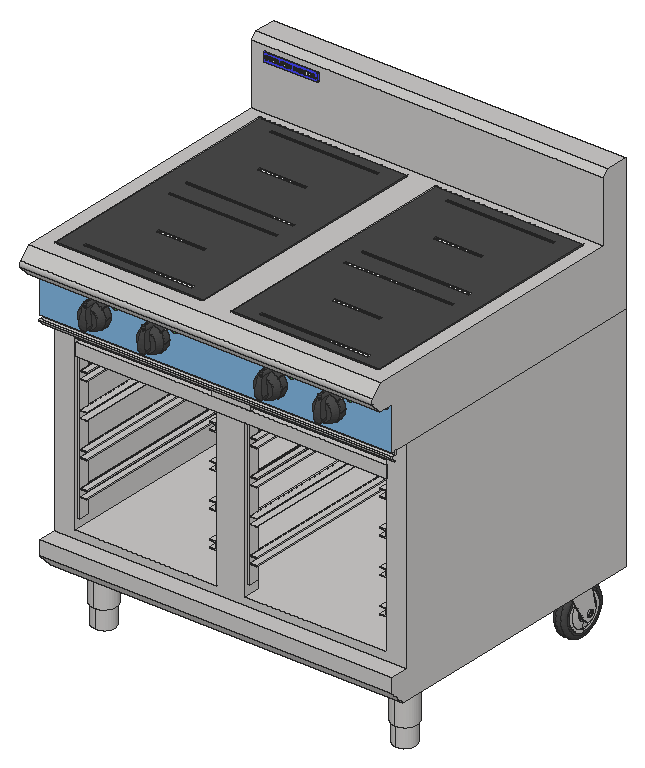
Revit family "QF_Moffat_IN514R5-CB_Induction_Cooktop_cat", category Specialty Equipment, Revit 2019
Family settings
  Round Connector Dimension = Use Diameter
  Part Type = Normal
  Work Plane-Based = No
  Always vertical = Yes
  Cut with Voids When Loaded = No
  Shared = No
  Room Calculation Point = No
Parameters (values of type "IN514R5-CB")
  Weight in Kilograms = 105
  Watts = 11620 W
  Volts = 415 V
  URL Cutsheet = ""
  Specification by User = ""
  Specification by Manufacturer = ""
  Show Logo [instance] = yes
  Show Legs [instance] = not(Show Castors)  # no
  Show Castors [instance] = yes
  Serial Number = ""
  Seismic Rating = ""
  SMACNA No = ""
  Revision Code = ""
  Phase = 3
  Number of Poles = 1
  NAFEM Spec ID Number = ""
  Model = "IN514R5-CB"
  Min Ckt Ampacity = 0 A
  Max Overcurrent Protection = 0 A
  Masterspec = ""
  Manufacturer = "Moffat"
  Length = 900 mm
  Item Number = ""
  Installed By = ""
  Identify Quantity as Lot = yes
  Height = 1085 mm
  HP = ""
  Furnished By = ""
  Foodservice Equipment Identifier = yes
  FL Amps = 28 A
  Electrical Remarks = ""
  Electric Connection Type = ""
  Elec Conn RI Height = 0 mm
  Elec Conn Connection Height = 0 mm
  Description = "Induction Cooktop"
  Depth = 812.2 mm
  Cycle = 60 Hz
  Conn Plug = ""
  Conn Conduit = yes
  CSI MasterFormat = ""
  Apparent Power = if(Phase = 3, Volts * FL Amps * 1.73, Volts * FL Amps)  # 20102.6 VA
Reference planes
  plane 1 "BACK": y = 0
  plane 2: z = 0
  plane 3 "LEFT": x = 0
  plane 4 "RIGHT": x = 900
  plane 5 "FRONT": y = -812.2
  plane 6 "TOP": z = 1085
  plane 7 "Center Y": x = 450
  plane 8 "Center X": y = -406.1
  plane 9: x = 65.5
  plane 10: x = 834.5
  plane 11: y = -30
  plane 12: x = 770
  plane 13: z = 635
  plane 14: y = -100
  plane 15: y = -625
  plane 16: z = 150
Forms (mm)
  Extrusion 1, solid, material "QF_Metal_Stainless_Polished"
    sketch origin (0, 0, 560) x (0, 1, 0) y (0, 0, 1)
      loop
        line (0, 180) -> (0, 525) -> (-57, 525) -> (-70, 512) -> (-70, 354.5) -> (-784.171, 354.5) -> (-808.685, 329.985)
        arc (-808.685, 329.985) -> (-812.2, 321.5) -> (-808.685, 313.015) r 12
        line (-808.685, 313.015) -> (-785.171, 289.5) -> (-749, 289.5) -> (-749, 180) -> (0, 180)
    from 0 to 900
  Extrusion 2, void
    sketch origin (0, -784.171, 914.5) x (0, 1, 0) y (-1, 0, 0)
      loop
        arc (44.671, -33.5) -> (40.428, -35.257) -> (38.671, -39.5) r 6
        line (38.671, -39.5) -> (38.671, -410.5)
        arc (38.671, -410.5) -> (40.428, -414.743) -> (44.671, -416.5) r 6
        line (44.671, -416.5) -> (690.671, -416.5)
        arc (690.671, -416.5) -> (694.913, -414.743) -> (696.671, -410.5) r 6
        line (696.671, -410.5) -> (696.671, -39.5)
        arc (696.671, -39.5) -> (694.913, -35.257) -> (690.671, -33.5) r 6
        line (690.671, -33.5) -> (44.671, -33.5)
      loop
        arc (44.671, -483.5) -> (40.428, -485.257) -> (38.671, -489.5) r 6
        line (38.671, -489.5) -> (38.671, -860.5)
        arc (38.671, -860.5) -> (40.428, -864.743) -> (44.671, -866.5) r 6
        line (44.671, -866.5) -> (690.671, -866.5)
        arc (690.671, -866.5) -> (694.913, -864.743) -> (696.671, -860.5) r 6
        line (696.671, -860.5) -> (696.671, -489.5)
        arc (696.671, -489.5) -> (694.913, -485.257) -> (690.671, -483.5) r 6
        line (690.671, -483.5) -> (44.671, -483.5)
    from 0 to -9.5
  Extrusion 3, solid, material "QF_Plastic_White_Smooth"
    sketch origin (0, -784.171, 905) x (0, 1, 0) y (-1, 0, 0)
      loop
        line (660.921, -362.5) -> (666.921, -362.5) -> (666.921, -87.5) -> (660.921, -87.5) -> (660.921, -362.5)
      loop
        line (526.421, -285) -> (532.421, -285) -> (532.421, -165) -> (526.421, -165) -> (526.421, -285)
      loop
        line (397.921, -87.5) -> (391.921, -87.5) -> (391.921, -362.5) -> (397.921, -362.5) -> (397.921, -87.5)
      loop
        line (337.421, -362.5) -> (343.421, -362.5) -> (343.421, -87.5) -> (337.421, -87.5) -> (337.421, -362.5)
      loop
        line (208.921, -165) -> (202.921, -165) -> (202.921, -285) -> (208.921, -285) -> (208.921, -165)
      loop
        line (68.421, -362.5) -> (74.421, -362.5) -> (74.421, -87.5) -> (68.421, -87.5) -> (68.421, -362.5)
      loop
        line (68.421, -812.5) -> (74.421, -812.5) -> (74.421, -537.5) -> (68.421, -537.5) -> (68.421, -812.5)
      loop
        line (202.921, -735) -> (208.921, -735) -> (208.921, -615) -> (202.921, -615) -> (202.921, -735)
      loop
        line (337.421, -812.5) -> (343.421, -812.5) -> (343.421, -537.5) -> (337.421, -537.5) -> (337.421, -812.5)
      loop
        line (391.921, -812.5) -> (397.921, -812.5) -> (397.921, -537.5) -> (391.921, -537.5) -> (391.921, -812.5)
      loop
        line (526.421, -735) -> (532.421, -735) -> (532.421, -615) -> (526.421, -615) -> (526.421, -735)
      loop
        line (660.921, -812.5) -> (666.921, -812.5) -> (666.921, -537.5) -> (660.921, -537.5) -> (660.921, -812.5)
    from 0 to 9.5
  Extrusion 4, solid, material "QF_Plastic_Black_Smooth"
    sketch origin (0, -784.171, 914.5) x (0, 1, 0) y (-1, 0, 0)
      loop
        line (692.671, -410.5) -> (692.671, -39.5)
        arc (692.671, -39.5) -> (692.085, -38.086) -> (690.671, -37.5) r 2
        line (690.671, -37.5) -> (44.671, -37.5)
        arc (44.671, -37.5) -> (43.256, -38.086) -> (42.671, -39.5) r 2
        line (42.671, -39.5) -> (42.671, -410.5)
        arc (42.671, -410.5) -> (43.256, -411.914) -> (44.671, -412.5) r 2
        line (44.671, -412.5) -> (690.671, -412.5)
        arc (690.671, -412.5) -> (692.085, -411.914) -> (692.671, -410.5) r 2
      loop
        line (692.671, -860.5) -> (692.671, -489.5)
        arc (692.671, -489.5) -> (692.085, -488.086) -> (690.671, -487.5) r 2
        line (690.671, -487.5) -> (44.671, -487.5)
        arc (44.671, -487.5) -> (43.256, -488.086) -> (42.671, -489.5) r 2
        line (42.671, -489.5) -> (42.671, -860.5)
        arc (42.671, -860.5) -> (43.256, -861.914) -> (44.671, -862.5) r 2
        line (44.671, -862.5) -> (690.671, -862.5)
        arc (690.671, -862.5) -> (692.085, -861.914) -> (692.671, -860.5) r 2
      loop
        line (660.921, -87.5) -> (660.921, -362.5) -> (666.921, -362.5) -> (666.921, -87.5) -> (660.921, -87.5)
      loop
        line (526.421, -165) -> (526.421, -285) -> (532.421, -285) -> (532.421, -165) -> (526.421, -165)
      loop
        line (391.921, -87.5) -> (391.921, -362.5) -> (397.921, -362.5) -> (397.921, -87.5) -> (391.921, -87.5)
      loop
        line (337.421, -362.5) -> (343.421, -362.5) -> (343.421, -87.5) -> (337.421, -87.5) -> (337.421, -362.5)
      loop
        line (202.921, -285) -> (208.921, -285) -> (208.921, -165) -> (202.921, -165) -> (202.921, -285)
      loop
        line (74.421, -87.5) -> (68.421, -87.5) -> (68.421, -362.5) -> (74.421, -362.5) -> (74.421, -87.5)
      loop
        line (660.921, -812.5) -> (666.921, -812.5) -> (666.921, -537.5) -> (660.921, -537.5) -> (660.921, -812.5)
      loop
        line (526.421, -735) -> (532.421, -735) -> (532.421, -615) -> (526.421, -615) -> (526.421, -735)
      loop
        line (391.921, -812.5) -> (397.921, -812.5) -> (397.921, -537.5) -> (391.921, -537.5) -> (391.921, -812.5)
      loop
        line (337.421, -537.5) -> (337.421, -812.5) -> (343.421, -812.5) -> (343.421, -537.5) -> (337.421, -537.5)
      loop
        line (202.921, -615) -> (202.921, -735) -> (208.921, -735) -> (208.921, -615) -> (202.921, -615)
      loop
        line (74.421, -812.5) -> (74.421, -537.5) -> (68.421, -537.5) -> (68.421, -812.5) -> (74.421, -812.5)
    from 0 to -9.5
  Extrusion 5, solid, material "QF_Metal_Stainless_Polished"
    sketch origin (0, 0, 600) x (0, 1, 0) y (0, 0, 1)
      loop
        line (-737.8, 140) -> (-737.8, 130) -> (-747.305, 130)
        arc (-747.305, 130) -> (-750.276, 128.015) -> (-749.579, 124.511) r 3.215
        line (-749.579, 124.511) -> (-739.05, 113.982) -> (-737.919, 115.113) -> (-748.447, 125.642)
        arc (-748.447, 125.642) -> (-748.797, 127.403) -> (-747.305, 128.4) r 1.615
        line (-747.305, 128.4) -> (-736.2, 128.4) -> (-736.2, 140) -> (-737.8, 140)
    from 0 to 900
  Extrusion 6, solid, material "QF_Plastic_Black_Smooth"
    sketch origin (0, -749, 741.875) x (0, 0, 1) y (-1, 0, 0)
      loop
        circle (99.343, -13.157) r 5
      loop
        circle (99.343, -886.843) r 5
      loop
        circle (99.343, -150) r 5
      loop
        circle (99.343, -300) r 5
      loop
        circle (99.343, -600) r 5
      loop
        circle (99.343, -750) r 5
    from 0 to 1.6
  Extrusion 7, solid, material "QF_Metal_Stainless_Polished"
    sketch origin (0, -699, 640) x (0, 1, 0) y (1, 0, 0)
      loop
        circle (669, 770) r 6.35
    from 0 to 1.6
  Extrusion 8, solid, material "QF_Metal_Stainless_Polished"
    sketch origin (0, -699, 645) x (1, 0, 0) y (0, -1, 0)
      loop
        line (0, -699) -> (900, -699) -> (900, 0) -> (849.2, 0) -> (849.2, -25.4) -> (50.8, -25.4) -> (50.8, 0) -> (0, 0) -> (0, -699)
    from 5 to -95
  Revolve 9, solid, material "QF_Metal_Stainless_Polished"
    sketch origin (65.5, -4572, 255.2) x (0, 0, -1) y (0, -1, 0)
      loop
        line (255.2, -3974.5) -> (255.2, -3947) -> (105.2, -3947) -> (105.2, -3978.75) -> (205.2, -3978.75) -> (205.2, -3974.5) -> (255.2, -3974.5)
      axis (105.2, -3947) -> (255.2, -3947)
    angle from 0 to 360
  Revolve 10, solid, material "QF_Metal_Stainless_Polished"
    sketch origin (834.5, -4572, 255.2) x (0, 0, -1) y (0, 1, 0)
      loop
        line (255.2, 3974.5) -> (205.2, 3974.5) -> (205.2, 3978.75) -> (105.2, 3978.75) -> (105.2, 3947) -> (255.2, 3947) -> (255.2, 3974.5)
      axis (105.2, 3947) -> (255.2, 3947)
    angle from 0 to 360
  Extrusion 11, solid, material "QF_Metal_Stainless_Polished"
    sketch origin (0, 0, 0) x (0, 1, 0) y (0, 0, 1)
      loop
        line (-50.8, 150) -> (-50.8, 242.5) -> (-699, 242.5) -> (-699, 222.5) -> (-747.95, 222.5) -> (-747.95, 186) -> (-711.95, 150) -> (-50.8, 150)
    from 0 to 900
  Extrusion 12, solid, material "QF_Metal_Stainless_Polished"
    sketch origin (-6096, 120, 150) x (0, 1, 0) y (-1, 0, 0)
      loop
        line (-120, -6096) -> (-819, -6096) -> (-819, -6146.8) -> (-170.8, -6146.8) -> (-170.8, -6510.5) -> (-196.2, -6510.5) -> (-196.2, -6581.5) -> (-170.8, -6581.5) -> (-170.8, -6945.2) -> (-819, -6945.2) -> (-819, -6996) -> (-120, -6996) -> (-120, -6096)
      loop
        line (-778.9, -6510.5) -> (-819, -6510.5) -> (-819, -6581.5) -> (-778.9, -6581.5) -> (-778.9, -6510.5)
    from 0 to 490
  Extrusion 13, solid, material "QF_Metal_Stainless_Polished"
    sketch origin (50.8, -50.8, 460) x (0, 0, 1) y (1, 0, 0)
      loop
        line (127.5, 25.4) -> (127.5, 6.4) -> (147.5, 6.4) -> (147.5, 25.4) -> (145.9, 25.4) -> (145.9, 8) -> (129.1, 8) -> (129.1, 25.4) -> (127.5, 25.4)
      loop
        line (37.5, 25.4) -> (37.5, 6.4) -> (57.5, 6.4) -> (57.5, 25.4) -> (55.9, 25.4) -> (55.9, 8) -> (39.1, 8) -> (39.1, 25.4) -> (37.5, 25.4)
      loop
        line (-52.5, 25.4) -> (-52.5, 6.4) -> (-32.5, 6.4) -> (-32.5, 25.4) -> (-34.1, 25.4) -> (-34.1, 8) -> (-50.9, 8) -> (-50.9, 25.4) -> (-52.5, 25.4)
      loop
        line (-142.5, 25.4) -> (-142.5, 6.4) -> (-122.5, 6.4) -> (-122.5, 25.4) -> (-124.1, 25.4) -> (-124.1, 8) -> (-140.9, 8) -> (-140.9, 25.4) -> (-142.5, 25.4)
    from 0 to -641.85
  Extrusion 14, solid, material "QF_Metal_Stainless_Polished"
    sketch origin (50.8, 44.437, 150) x (0, 1, 0) y (0, 0, 1)
      loop
        line (-95.237, 488.4) -> (-120.637, 488.4) -> (-120.637, 117.5) -> (-95.237, 117.5) -> (-95.237, 488.4)
      loop
        line (-709.687, 117.5) -> (-709.687, 490) -> (-737.087, 490) -> (-737.087, 117.5) -> (-709.687, 117.5)
    from 0 to 6.4
  Extrusion 15, solid, material "QF_Metal_Stainless_Polished"
    sketch origin (66.1, -50.8, 460) x (0, 0, 1) y (1, 0, 0)
      loop
        line (127.5, 323) -> (129.1, 323) -> (129.1, 340.4) -> (145.9, 340.4) -> (145.9, 323) -> (147.5, 323) -> (147.5, 342) -> (127.5, 342) -> (127.5, 323)
      loop
        line (37.5, 323) -> (39.1, 323) -> (39.1, 340.4) -> (55.9, 340.4) -> (55.9, 323) -> (57.5, 323) -> (57.5, 342) -> (37.5, 342) -> (37.5, 323)
      loop
        line (-52.5, 323) -> (-50.9, 323) -> (-50.9, 340.4) -> (-34.1, 340.4) -> (-34.1, 323) -> (-32.5, 323) -> (-32.5, 342) -> (-52.5, 342) -> (-52.5, 323)
      loop
        line (-142.5, 323) -> (-140.9, 323) -> (-140.9, 340.4) -> (-124.1, 340.4) -> (-124.1, 323) -> (-122.5, 323) -> (-122.5, 342) -> (-142.5, 342) -> (-142.5, 323)
    from 0 to -641.85
  Extrusion 16, solid, material "QF_Metal_Stainless_Polished"
    sketch origin (414.5, 44.437, 150) x (0, 1, 0) y (0, 0, -1)
      loop
        line (-95.237, -488.4) -> (-95.237, -117.5) -> (-120.637, -117.5) -> (-120.637, -488.4) -> (-95.237, -488.4)
      loop
        line (-709.687, -117.5) -> (-737.087, -117.5) -> (-737.087, -490) -> (-709.687, -490) -> (-709.687, -117.5)
    from 0 to 6.4
  Revolve 17, solid, material "QF_Metal_Stainless_Polished", visible <- "Show Legs"
    sketch origin (65.5, -4047, 255.2) x (0, 0, -1) y (0, -1, 0)
      loop
        line (255.2, -3974.5) -> (255.2, -3947) -> (105.2, -3947) -> (105.2, -3978.75) -> (205.2, -3978.75) -> (205.2, -3974.5) -> (255.2, -3974.5)
      axis (105.2, -3947) -> (255.2, -3947)
    angle from 0 to 360
  Revolve 18, solid, material "QF_Metal_Stainless_Polished", visible <- "Show Legs"
    sketch origin (834.5, -4047, 255.2) x (0, 0, -1) y (0, 1, 0)
      loop
        line (255.2, 3974.5) -> (205.2, 3974.5) -> (205.2, 3978.75) -> (105.2, 3978.75) -> (105.2, 3947) -> (255.2, 3947) -> (255.2, 3974.5)
      axis (105.2, 3947) -> (255.2, 3947)
    angle from 0 to 360
  Extrusion 19, solid, material "QF_Paint_Green"
    sketch origin (-87.5, -749, 742.2) x (0, 0, 1) y (-1, 0, 0)
      loop
        circle (84.8, -282.5) r 7.15
    from 0 to 1.6
  Extrusion 20, solid, material "QF_Metal_Stainless_Polished"
    sketch origin (849.2, -673.6, 645) x (-1, 0, 0) y (0, 0, -1)
      loop
        line (0, -27.7) -> (798.4, -27.7) -> (798.4, 5) -> (0, 5) -> (0, -27.7)
      loop
        line (450, -61.4) -> (798.4, -61.4) -> (798.4, -37.7) -> (450, -37.7) -> (450, -61.4)
      loop
        line (798.4, -62.4) -> (0, -62.4) -> (0, -95) -> (798.4, -95) -> (798.4, -62.4)
      loop
        line (348.4, -61.4) -> (348.4, -37.7) -> (0, -37.7) -> (0, -61.4) -> (348.4, -61.4)
    from 0 to 25.4
  Extrusion 21, solid, material "QF_Metal_Stainless_Polished"
    sketch origin (849.2, -673.6, 645) x (1, 0, 0) y (0, 0, -1)
      loop
        line (-348.4, -62.4) -> (-348.4, -27.7) -> (-450, -27.7) -> (-450, -62.4) -> (-348.4, -62.4)
    from 0 to -25.4
  Extrusion 22, solid, material "QF_Metal_Stainless_Polished"
    sketch origin (833.9, -50.8, 460) x (0, 0, 1) y (1, 0, 0)
      loop
        line (127.5, -323) -> (127.5, -342) -> (147.5, -342) -> (147.5, -323) -> (145.9, -323) -> (145.9, -340.4) -> (129.1, -340.4) -> (129.1, -323) -> (127.5, -323)
      loop
        line (37.5, -323) -> (37.5, -342) -> (57.5, -342) -> (57.5, -323) -> (55.9, -323) -> (55.9, -340.4) -> (39.1, -340.4) -> (39.1, -323) -> (37.5, -323)
      loop
        line (-52.5, -323) -> (-52.5, -342) -> (-32.5, -342) -> (-32.5, -323) -> (-34.1, -323) -> (-34.1, -340.4) -> (-50.9, -340.4) -> (-50.9, -323) -> (-52.5, -323)
      loop
        line (-142.5, -323) -> (-142.5, -342) -> (-122.5, -342) -> (-122.5, -323) -> (-124.1, -323) -> (-124.1, -340.4) -> (-140.9, -340.4) -> (-140.9, -323) -> (-142.5, -323)
    from 0 to -641.85
  Extrusion 23, solid, material "QF_Metal_Stainless_Polished"
    sketch origin (485.5, 44.437, 150) x (0, 1, 0) y (0, 0, 1)
      loop
        line (-95.237, 488.4) -> (-120.637, 488.4) -> (-120.637, 117.5) -> (-95.237, 117.5) -> (-95.237, 488.4)
      loop
        line (-709.687, 117.5) -> (-709.687, 490) -> (-737.087, 490) -> (-737.087, 117.5) -> (-709.687, 117.5)
    from 0 to 6.4
  Extrusion 24, solid, material "QF_Metal_Stainless_Polished"
    sketch origin (849.2, -50.8, 460) x (0, 0, 1) y (1, 0, 0)
      loop
        line (127.5, -25.4) -> (129.1, -25.4) -> (129.1, -8) -> (145.9, -8) -> (145.9, -25.4) -> (147.5, -25.4) -> (147.5, -6.4) -> (127.5, -6.4) -> (127.5, -25.4)
      loop
        line (37.5, -25.4) -> (39.1, -25.4) -> (39.1, -8) -> (55.9, -8) -> (55.9, -25.4) -> (57.5, -25.4) -> (57.5, -6.4) -> (37.5, -6.4) -> (37.5, -25.4)
      loop
        line (-52.5, -25.4) -> (-50.9, -25.4) -> (-50.9, -8) -> (-34.1, -8) -> (-34.1, -25.4) -> (-32.5, -25.4) -> (-32.5, -6.4) -> (-52.5, -6.4) -> (-52.5, -25.4)
      loop
        line (-142.5, -25.4) -> (-140.9, -25.4) -> (-140.9, -8) -> (-124.1, -8) -> (-124.1, -25.4) -> (-122.5, -25.4) -> (-122.5, -6.4) -> (-142.5, -6.4) -> (-142.5, -25.4)
    from 0 to -641.85
  Extrusion 25, solid, material "QF_Metal_Stainless_Polished"
    sketch origin (849.2, 44.437, 150) x (0, 1, 0) y (0, 0, -1)
      loop
        line (-95.237, -488.4) -> (-95.237, -117.5) -> (-120.637, -117.5) -> (-120.637, -488.4) -> (-95.237, -488.4)
      loop
        line (-709.687, -117.5) -> (-737.087, -117.5) -> (-737.087, -490) -> (-709.687, -490) -> (-709.687, -117.5)
    from 0 to 6.4
  Extrusion 26, solid, material "QF_Paint_Green"
    sketch origin (62.5, -749, 742.2) x (0, 0, 1) y (-1, 0, 0)
      loop
        circle (84.8, -282.5) r 7.15
    from 0 to 1.6
  Extrusion 27, solid, material "QF_Paint_Green"
    sketch origin (362.5, -749, 742.2) x (0, 0, 1) y (-1, 0, 0)
      loop
        circle (84.8, -282.5) r 7.15
    from 0 to 1.6
  Extrusion 28, solid, material "QF_Paint_Green"
    sketch origin (512.5, -749, 742.2) x (0, 0, 1) y (-1, 0, 0)
      loop
        circle (84.8, -282.5) r 7.15
    from 0 to 1.6
Cuts and joins
  Extrusion 2 cuts Extrusion 1
  joined: Revolve 9, Revolve 10
  joined: Extrusion 8, Extrusion 11, Extrusion 12
Lines and regions (mm)
  symbolic lines
    curve 1: line (0, 0, 0) -> (900, 0, 0)
    curve 2: line (0, -812.2, 0) -> (0, 0, 0)
    curve 3: line (900, -812.2, 0) -> (0, -812.2, 0)
    curve 4: line (900, 0, 0) -> (900, -812.2, 0)
    curve 5: line (0, -57, 0) -> (900, -57, 0)
    curve 6: line (0, -70, 0) -> (900, -70, 0)
    curve 7: line (0, -784.171, 0) -> (900, -784.171, 0)
    curve 8: line (39.5, -87.5, 0) -> (410.5, -87.5, 0)
    curve 9: arc (410.5, -87.5, 0) -> (414.743, -89.257, 0) -> (416.5, -93.5, 0) r 6
    curve 10: line (416.5, -93.5, 0) -> (416.5, -739.5, 0)
    curve 11: arc (416.5, -739.5, 0) -> (414.743, -743.743, 0) -> (410.5, -745.5, 0) r 6
    curve 12: line (410.5, -745.5, 0) -> (39.5, -745.5, 0)
    curve 13: arc (39.5, -745.5, 0) -> (35.257, -743.743, 0) -> (33.5, -739.5, 0) r 6
    curve 14: line (33.5, -739.5, 0) -> (33.5, -93.5, 0)
    curve 15: arc (33.5, -93.5, 0) -> (35.257, -89.257, 0) -> (39.5, -87.5, 0) r 6
    curve 16: line (410.5, -91.5, 0) -> (39.5, -91.5, 0)
    curve 17: arc (39.5, -91.5, 0) -> (38.086, -92.086, 0) -> (37.5, -93.5, 0) r 2
    curve 18: line (37.5, -93.5, 0) -> (37.5, -739.5, 0)
    curve 19: arc (37.5, -739.5, 0) -> (38.086, -740.914, 0) -> (39.5, -741.5, 0) r 2
    curve 20: line (39.5, -741.5, 0) -> (410.5, -741.5, 0)
    curve 21: arc (410.5, -741.5, 0) -> (411.914, -740.914, 0) -> (412.5, -739.5, 0) r 2
    curve 22: line (412.5, -739.5, 0) -> (412.5, -93.5, 0)
    curve 23: arc (412.5, -93.5, 0) -> (411.914, -92.086, 0) -> (410.5, -91.5, 0) r 2
    curve 24: line (87.5, -117.25, 0) -> (362.5, -117.25, 0)
    curve 25: line (362.5, -117.25, 0) -> (362.5, -123.25, 0)
    curve 26: line (362.5, -123.25, 0) -> (87.5, -123.25, 0)
    curve 27: line (87.5, -123.25, 0) -> (87.5, -117.25, 0)
    curve 28: line (285, -257.75, 0) -> (165, -257.75, 0)
    curve 29: line (165, -257.75, 0) -> (165, -251.75, 0)
    curve 30: line (165, -251.75, 0) -> (285, -251.75, 0)
    curve 31: line (285, -251.75, 0) -> (285, -257.75, 0)
    curve 32: line (362.5, -392.25, 0) -> (87.5, -392.25, 0)
    curve 33: line (87.5, -392.25, 0) -> (87.5, -386.25, 0)
    curve 34: line (87.5, -386.25, 0) -> (362.5, -386.25, 0)
    curve 35: line (362.5, -386.25, 0) -> (362.5, -392.25, 0)
    curve 36: line (362.5, -446.75, 0) -> (87.5, -446.75, 0)
    curve 37: line (87.5, -446.75, 0) -> (87.5, -440.75, 0)
    curve 38: line (87.5, -440.75, 0) -> (362.5, -440.75, 0)
    curve 39: line (362.5, -440.75, 0) -> (362.5, -446.75, 0)
    curve 40: line (285, -581.25, 0) -> (165, -581.25, 0)
    curve 41: line (165, -581.25, 0) -> (165, -575.25, 0)
    curve 42: line (165, -575.25, 0) -> (285, -575.25, 0)
    curve 43: line (285, -575.25, 0) -> (285, -581.25, 0)
    curve 44: line (362.5, -715.75, 0) -> (87.5, -715.75, 0)
    curve 45: line (87.5, -715.75, 0) -> (87.5, -709.75, 0)
    curve 46: line (87.5, -709.75, 0) -> (362.5, -709.75, 0)
    curve 47: line (362.5, -709.75, 0) -> (362.5, -715.75, 0)
    curve 48: line (860.5, -745.5, 0) -> (489.5, -745.5, 0)
    curve 49: arc (489.5, -745.5, 0) -> (485.257, -743.743, 0) -> (483.5, -739.5, 0) r 6
    curve 50: line (483.5, -739.5, 0) -> (483.5, -93.5, 0)
    curve 51: arc (483.5, -93.5, 0) -> (485.257, -89.257, 0) -> (489.5, -87.5, 0) r 6
    curve 52: line (489.5, -87.5, 0) -> (860.5, -87.5, 0)
    curve 53: arc (860.5, -87.5, 0) -> (864.743, -89.257, 0) -> (866.5, -93.5, 0) r 6
    curve 54: line (866.5, -93.5, 0) -> (866.5, -739.5, 0)
    curve 55: arc (866.5, -739.5, 0) -> (864.743, -743.743, 0) -> (860.5, -745.5, 0) r 6
    curve 56: line (489.5, -741.5, 0) -> (860.5, -741.5, 0)
    curve 57: arc (860.5, -741.5, 0) -> (861.914, -740.914, 0) -> (862.5, -739.5, 0) r 2
    curve 58: line (862.5, -739.5, 0) -> (862.5, -93.5, 0)
    curve 59: arc (862.5, -93.5, 0) -> (861.914, -92.086, 0) -> (860.5, -91.5, 0) r 2
    curve 60: line (860.5, -91.5, 0) -> (489.5, -91.5, 0)
    curve 61: arc (489.5, -91.5, 0) -> (488.086, -92.086, 0) -> (487.5, -93.5, 0) r 2
    curve 62: line (487.5, -93.5, 0) -> (487.5, -739.5, 0)
    curve 63: arc (487.5, -739.5, 0) -> (488.086, -740.914, 0) -> (489.5, -741.5, 0) r 2
    curve 64: line (812.5, -715.75, 0) -> (537.5, -715.75, 0)
    curve 65: line (537.5, -715.75, 0) -> (537.5, -709.75, 0)
    curve 66: line (537.5, -709.75, 0) -> (812.5, -709.75, 0)
    curve 67: line (812.5, -709.75, 0) -> (812.5, -715.75, 0)
    curve 68: line (735, -581.25, 0) -> (615, -581.25, 0)
    curve 69: line (615, -581.25, 0) -> (615, -575.25, 0)
    curve 70: line (615, -575.25, 0) -> (735, -575.25, 0)
    curve 71: line (735, -575.25, 0) -> (735, -581.25, 0)
    curve 72: line (812.5, -446.75, 0) -> (537.5, -446.75, 0)
    curve 73: line (537.5, -446.75, 0) -> (537.5, -440.75, 0)
    curve 74: line (537.5, -440.75, 0) -> (812.5, -440.75, 0)
    curve 75: line (812.5, -440.75, 0) -> (812.5, -446.75, 0)
    curve 76: line (812.5, -392.25, 0) -> (537.5, -392.25, 0)
    curve 77: line (537.5, -392.25, 0) -> (537.5, -386.25, 0)
    curve 78: line (537.5, -386.25, 0) -> (812.5, -386.25, 0)
    curve 79: line (812.5, -386.25, 0) -> (812.5, -392.25, 0)
    curve 80: line (735, -257.75, 0) -> (615, -257.75, 0)
    curve 81: line (615, -257.75, 0) -> (615, -251.75, 0)
    curve 82: line (615, -251.75, 0) -> (735, -251.75, 0)
    curve 83: line (735, -251.75, 0) -> (735, -257.75, 0)
    curve 84: line (812.5, -123.25, 0) -> (537.5, -123.25, 0)
    curve 85: line (537.5, -123.25, 0) -> (537.5, -117.25, 0)
    curve 86: line (537.5, -117.25, 0) -> (812.5, -117.25, 0)
    curve 87: line (812.5, -117.25, 0) -> (812.5, -123.25, 0)
Dimensions and locks
  equal spacing: plane 3 "LEFT", plane 7 "Center Y", plane 4 "RIGHT"
  "Length": plane 3 "LEFT" to plane 4 "RIGHT"
  equal spacing: plane 5 "FRONT", plane 8 "Center X", plane 1 "BACK"
  "Depth": plane 5 "FRONT" to plane 1 "BACK"
  "Height": plane 6 "TOP" to level
  plane 9 to plane 10 = 769 mm
  plane 4 "RIGHT" to plane 3 "LEFT" = 900 mm
  plane 1 "BACK" to cut or joined group of Extrusion 1, Extrusion 2 = 70 mm
  plane 1 "BACK" to plane 5 "FRONT" = 812.2 mm
  plane 6 "TOP" to plane 2 = 1085 mm
  cut or joined group of Extrusion 1, Extrusion 2 to plane 2 = 914.5 mm
  locked: plane 12 to plane 4 "RIGHT" at 130
  plane 1 "BACK" to plane 11 = 30 mm
  plane 1 "BACK" to plane 14 to plane 15 = 100 mm, 525 mm
  plane 2 to plane 13 = 635 mm
  plane 16 to plane 2 = 150 mm
  aligned and locked: level to plane 2
Automatic sketch dimensions
  Extrusion 1 sketch curve to plane 6 "TOP" = 0 mm
  Extrusion 1 sketch curve to plane 1 "BACK" = 0 mm
  plane 11 to Extrusion 1 sketch curve = 27 mm
  Extrusion 1 sketch curve to plane 6 "TOP" = 13 mm
  Extrusion 1 sketch curve to Extrusion 1 sketch curve = 13 mm
  Extrusion 1 sketch curve to plane 5 "FRONT" = 63.2 mm
  Extrusion 1 sketch curve to plane 5 "FRONT" = 28.029 mm
  Extrusion 1 sketch curve to plane 5 "FRONT" = 27.029 mm
  Extrusion 1 sketch curve to plane 5 "FRONT" = 12 mm
  Extrusion 1 sketch curve to plane 5 "FRONT" = 3.515 mm  (x2)
  Extrusion 1 sketch curve to plane 6 "TOP" = 170.5 mm
  Extrusion 1 sketch curve to Extrusion 1 sketch curve = 24.515 mm
  Extrusion 1 sketch curve to Extrusion 1 sketch curve = 8.485 mm
  Extrusion 1 sketch curve to Extrusion 1 sketch curve = 32 mm
  Extrusion 1 sketch curve to plane 13 = 105 mm
  Extrusion 5 sketch curve to Extrusion 5 sketch curve = 0 mm  (x2)
  Extrusion 5 sketch curve to plane 5 "FRONT" = 62.621 mm
  Extrusion 5 sketch curve to Extrusion 5 sketch curve = 1.131 mm  (x3)
  Extrusion 5 sketch curve to Extrusion 5 sketch curve = 1.142 mm  (x2)
  Extrusion 5 sketch curve to Extrusion 5 sketch curve = 10.529 mm
  Extrusion 5 sketch curve to Extrusion 5 sketch curve = 9.505 mm
  Extrusion 5 sketch curve to Extrusion 5 sketch curve = 1.6 mm
  Extrusion 5 sketch curve to plane 13 = 78.982 mm
  Extrusion 5 sketch curve to Extrusion 5 sketch curve = 10 mm
  Extrusion 8 to Extrusion 7 sketch curve = 30 mm
  Extrusion 7 sketch curve to Extrusion 8 = 79.2 mm
  plane 1 "BACK" to Extrusion 8 sketch curve = 0 mm
  Extrusion 8 sketch curve to plane 3 "LEFT" = 0 mm
  Extrusion 8 sketch curve to plane 4 "RIGHT" = 0 mm
  plane 9 to Extrusion 8 sketch curve = 14.7 mm
  Extrusion 8 sketch curve to plane 10 = 14.7 mm
  plane 15 to Extrusion 8 sketch curve = 48.6 mm
  Extrusion 8 sketch curve to Extrusion 8 sketch curve = 25.4 mm  (x2)
  Revolve 9 sketch curve to plane 15 = 0 mm  (x2)
  Revolve 9 sketch curve to plane 16 = 0 mm
  Revolve 9 sketch curve to level = 0 mm  (x2)
  level to Revolve 9 sketch curve = 50 mm
  Revolve 9 sketch curve to Revolve 9 sketch curve = 27.5 mm
  Revolve 9 sketch curve to Revolve 9 sketch curve = 31.75 mm
  Revolve 9 sketch curve to Revolve 9 sketch curve = 25 mm
  Revolve 10 sketch curve to plane 15 = 0 mm  (x2)
  Revolve 10 sketch curve to plane 16 = 0 mm
  Revolve 10 sketch curve to level = 0 mm  (x2)
  level to Revolve 10 sketch curve = 50 mm
  Revolve 10 sketch curve to plane 15 = 27.5 mm
  Revolve 10 sketch curve to Revolve 10 sketch curve = 4.25 mm
  Revolve 10 sketch curve to Revolve 10 sketch curve = 25 mm
  Extrusion 11 sketch curve to plane 16 = 0 mm
  Extrusion 11 sketch curve to plane 5 "FRONT" = 64.25 mm
  Extrusion 11 sketch curve to Extrusion 11 sketch curve = 36 mm
  Extrusion 11 sketch curve to Extrusion 11 sketch curve = 48.95 mm
  plane 11 to Extrusion 11 sketch curve = 20.8 mm
  plane 16 to Extrusion 11 sketch curve = 36 mm
  Extrusion 11 sketch curve to Extrusion 11 sketch curve = 36.5 mm
  plane 16 to Extrusion 11 sketch curve = 92.5 mm
  Extrusion 12 sketch curve to plane 3 "LEFT" = 0 mm
  Extrusion 12 sketch curve to plane 4 "RIGHT" = 0 mm
  plane 1 "BACK" to Extrusion 12 sketch curve = 0 mm
  plane 11 to Extrusion 12 sketch curve = 20.8 mm  (x2)
  Extrusion 12 sketch curve to plane 14 = 23.8 mm
  plane 15 to Extrusion 12 sketch curve = 33.9 mm
  Extrusion 12 sketch curve to Extrusion 12 sketch curve = 40.1 mm
  Extrusion 12 sketch curve to plane 10 = 14.7 mm
  plane 15 to Extrusion 12 sketch curve = 74 mm  (x2)
  plane 9 to Extrusion 12 sketch curve = 14.7 mm
  plane 7 "Center Y" to Extrusion 12 sketch curve = 35.5 mm  (x2)
  Extrusion 12 sketch curve to plane 7 "Center Y" = 35.5 mm  (x2)
  Extrusion 14 to Extrusion 13 sketch curve = 0 mm  (x4)
  Extrusion 13 sketch curve to Extrusion 14 = 19 mm  (x4)
  Extrusion 14 to Extrusion 13 sketch curve = 50 mm
  Extrusion 13 sketch curve to Extrusion 13 sketch curve = 1.6 mm  (x8)
  Extrusion 13 sketch curve to Extrusion 14 = 1.6 mm  (x4)
  Extrusion 13 sketch curve to Extrusion 13 sketch curve = 16.8 mm  (x4)
  Extrusion 13 sketch curve to Extrusion 13 sketch curve = 70 mm  (x2)
  Extrusion 13 sketch curve to Extrusion 14 = 50.9 mm
  Extrusion 13 sketch curve to Extrusion 13 sketch curve = 17.4 mm  (x3)
  Extrusion 13 sketch curve to Extrusion 13 sketch curve = 0 mm
  Extrusion 12 to Extrusion 14 sketch curve = 0 mm
  Extrusion 14 sketch curve to Extrusion 12 = 0 mm
  Extrusion 14 sketch curve to Extrusion 12 = 25.4 mm
  Extrusion 12 to Extrusion 14 sketch curve = 33.75 mm
  Extrusion 12 to Extrusion 14 sketch curve = 6.35 mm
  Extrusion 12 to Extrusion 14 sketch curve = 1.6 mm
  Extrusion 12 to Extrusion 14 sketch curve = 117.5 mm  (x2)
  Extrusion 14 to Extrusion 15 sketch curve = 50 mm
  Extrusion 15 sketch curve to Extrusion 15 sketch curve = 1.6 mm  (x12)
  Extrusion 15 sketch curve to Extrusion 15 sketch curve = 16.8 mm  (x4)
  Extrusion 15 sketch curve to Extrusion 15 sketch curve = 70 mm  (x2)
  Extrusion 15 sketch curve to Extrusion 14 = 50.9 mm
  Extrusion 15 sketch curve to Extrusion 14 = 331.9 mm
  Extrusion 15 sketch curve to Extrusion 15 sketch curve = 0 mm  (x7)
  Extrusion 15 sketch curve to Extrusion 15 sketch curve = 17.4 mm  (x4)
  plane 15 to Extrusion 16 sketch curve = 67.65 mm
  Extrusion 16 sketch curve to plane 13 = 5 mm
  Extrusion 16 sketch curve to Extrusion 16 sketch curve = 27.4 mm
  Extrusion 16 sketch curve to plane 13 = 3.4 mm
  Extrusion 16 sketch curve to plane 14 = 23.8 mm
  plane 11 to Extrusion 16 sketch curve = 20.8 mm
  plane 16 to Extrusion 16 sketch curve = 117.5 mm  (x2)
  Revolve 17 sketch curve to plane 14 = 0 mm  (x2)
  Revolve 17 sketch curve to plane 16 = 0 mm
  Revolve 17 sketch curve to level = 0 mm  (x2)
  level to Revolve 17 sketch curve = 50 mm
  Revolve 17 sketch curve to Revolve 17 sketch curve = 27.5 mm
  Revolve 17 sketch curve to Revolve 17 sketch curve = 31.75 mm
  Revolve 17 sketch curve to Revolve 17 sketch curve = 25 mm
  Revolve 18 sketch curve to plane 14 = 0 mm  (x2)
  Revolve 18 sketch curve to plane 16 = 0 mm
  Revolve 18 sketch curve to level = 0 mm  (x2)
  level to Revolve 18 sketch curve = 50 mm
  Revolve 18 sketch curve to plane 14 = 27.5 mm
  Revolve 18 sketch curve to Revolve 18 sketch curve = 4.25 mm
  Revolve 18 sketch curve to Revolve 18 sketch curve = 25 mm
  Extrusion 1 to Extrusion 19 sketch curve = 22.5 mm
  Extrusion 1 to Extrusion 19 sketch curve = 195 mm
  Extrusion 20 sketch curve to Extrusion 8 = 0 mm  (x8)
  Extrusion 8 to Extrusion 20 sketch curve = 42.7 mm
  Extrusion 20 sketch curve to Extrusion 8 = 348.4 mm
  Extrusion 8 to Extrusion 20 sketch curve = 33.6 mm
  Extrusion 20 sketch curve to Extrusion 20 sketch curve = 101.6 mm
  Extrusion 20 sketch curve to Extrusion 20 sketch curve = 1 mm  (x2)
  Extrusion 20 sketch curve to Extrusion 20 sketch curve = 23.7 mm
  Extrusion 20 sketch curve to Extrusion 20 sketch curve = 10 mm
  Extrusion 20 to Extrusion 21 sketch curve = 0 mm
  Extrusion 21 sketch curve to Extrusion 20 = 0 mm  (x3)
  Extrusion 14 to Extrusion 22 sketch curve = 50 mm
  Extrusion 22 sketch curve to Extrusion 22 sketch curve = 1.6 mm  (x12)
  Extrusion 22 sketch curve to Extrusion 22 sketch curve = 16.8 mm  (x4)
  Extrusion 22 sketch curve to Extrusion 22 sketch curve = 70 mm  (x2)
  Extrusion 22 sketch curve to Extrusion 14 = 50.9 mm
  Extrusion 22 sketch curve to Extrusion 14 = 434.7 mm
  Extrusion 22 sketch curve to Extrusion 22 sketch curve = 0 mm  (x4)
  Extrusion 22 sketch curve to Extrusion 22 sketch curve = 17.4 mm  (x7)
  plane 15 to Extrusion 23 sketch curve = 67.65 mm
  Extrusion 23 sketch curve to plane 13 = 5 mm
  Extrusion 23 sketch curve to Extrusion 23 sketch curve = 27.4 mm
  Extrusion 23 sketch curve to plane 13 = 3.4 mm
  Extrusion 23 sketch curve to plane 14 = 23.8 mm
  plane 11 to Extrusion 23 sketch curve = 20.8 mm
  plane 16 to Extrusion 23 sketch curve = 117.5 mm  (x2)
  Extrusion 24 sketch curve to Extrusion 25 = 0 mm  (x4)
  Extrusion 24 sketch curve to Extrusion 25 = 19 mm  (x4)
  Extrusion 25 to Extrusion 24 sketch curve = 50 mm
  Extrusion 24 sketch curve to Extrusion 24 sketch curve = 1.6 mm  (x8)
  Extrusion 24 sketch curve to Extrusion 25 = 1.6 mm  (x4)
  Extrusion 24 sketch curve to Extrusion 24 sketch curve = 16.8 mm  (x4)
  Extrusion 24 sketch curve to Extrusion 24 sketch curve = 70 mm  (x2)
  Extrusion 24 sketch curve to Extrusion 25 = 50.9 mm
  Extrusion 24 sketch curve to Extrusion 24 sketch curve = 0 mm  (x2)
  Extrusion 24 sketch curve to Extrusion 24 sketch curve = 17.4 mm  (x2)
  plane 15 to Extrusion 25 sketch curve = 67.65 mm
  Extrusion 25 sketch curve to plane 13 = 5 mm
  Extrusion 25 sketch curve to Extrusion 25 sketch curve = 27.4 mm
  Extrusion 25 sketch curve to plane 13 = 3.4 mm
  Extrusion 25 sketch curve to plane 14 = 23.8 mm
  plane 11 to Extrusion 25 sketch curve = 20.8 mm
  plane 16 to Extrusion 25 sketch curve = 117.5 mm  (x2)
  Extrusion 1 to Extrusion 26 sketch curve = 22.5 mm
  Extrusion 1 to Extrusion 26 sketch curve = 345 mm
  Extrusion 1 to Extrusion 27 sketch curve = 22.5 mm
  Extrusion 1 to Extrusion 27 sketch curve = 255 mm
  Extrusion 1 to Extrusion 28 sketch curve = 22.5 mm
  Extrusion 1 to Extrusion 28 sketch curve = 105 mm
  curve 3 to plane 3 "LEFT" = 0 mm
  curve 3 to plane 4 "RIGHT" = 0 mm
  plane 5 "FRONT" to curve 3 = 0 mm
  plane 1 "BACK" to curve 2 = 0 mm
  plane 11 to curve 5 = 27 mm
  curve 6 to curve 5 = 13 mm
  curve 3 to curve 7 = 28.029 mm
  Extrusion 1 to Extrusion 6 sketch curve = 8.282 mm  (x6)
  Extrusion 1 to Extrusion 6 sketch curve = 13.157 mm  (x2)
  Extrusion 6 sketch curve to Extrusion 6 sketch curve = 136.843 mm
  Extrusion 6 sketch curve to Extrusion 6 sketch curve = 150 mm
  Extrusion 1 to Extrusion 6 sketch curve = 300 mm
  Extrusion 1 to Extrusion 6 sketch curve = 150 mm
  Extrusion 2 sketch curve to Extrusion 1 = 38.671 mm  (x2)
  Extrusion 2 sketch curve to Extrusion 2 sketch curve = 6 mm  (x6)
  Extrusion 1 to Extrusion 2 sketch curve = 23.5 mm  (x4)
  Extrusion 1 to Extrusion 2 sketch curve = 416.5 mm
  Extrusion 1 to Extrusion 2 sketch curve = 39.5 mm  (x2)
  Extrusion 2 sketch curve to Extrusion 2 sketch curve = 67 mm
  Extrusion 4 sketch curve to Extrusion 1 = 42.671 mm  (x2)
  Extrusion 4 sketch curve to Extrusion 4 sketch curve = 2 mm  (x6)
  Extrusion 4 sketch curve to Extrusion 4 sketch curve = 23.75 mm  (x2)
  Extrusion 4 sketch curve to Extrusion 4 sketch curve = 6 mm  (x12)
  Extrusion 4 sketch curve to Extrusion 4 sketch curve = 128.5 mm  (x6)
  Extrusion 4 sketch curve to Extrusion 4 sketch curve = 48.5 mm  (x2)
  Extrusion 1 to Extrusion 4 sketch curve = 53.25 mm  (x2)
  Extrusion 1 to Extrusion 4 sketch curve = 23.5 mm  (x4)
  Extrusion 1 to Extrusion 4 sketch curve = 37.5 mm
  Extrusion 1 to Extrusion 4 sketch curve = 87.5 mm  (x4)
  Extrusion 4 sketch curve to Extrusion 4 sketch curve = 0 mm  (x4)
  Extrusion 4 sketch curve to Extrusion 4 sketch curve = 48 mm  (x5)
  Extrusion 4 sketch curve to Extrusion 4 sketch curve = 77.5 mm  (x7)
  Extrusion 4 sketch curve to Extrusion 4 sketch curve = 120 mm  (x4)
  Extrusion 4 sketch curve to Extrusion 4 sketch curve = 75 mm
  Extrusion 4 sketch curve to Extrusion 4 sketch curve = 175 mm
  Extrusion 1 to Extrusion 4 sketch curve = 39.5 mm
  Extrusion 3 sketch curve to Extrusion 2 = 35.75 mm  (x3)
  Extrusion 3 sketch curve to Extrusion 3 sketch curve = 6 mm  (x12)
  Extrusion 3 sketch curve to Extrusion 2 = 54 mm  (x15)
  Extrusion 3 sketch curve to Extrusion 3 sketch curve = 128.5 mm  (x6)
  Extrusion 3 sketch curve to Extrusion 2 = 131.5 mm  (x4)
  Extrusion 3 sketch curve to Extrusion 3 sketch curve = 120 mm  (x4)
  Extrusion 3 sketch curve to Extrusion 3 sketch curve = 48.5 mm  (x2)
  Extrusion 3 sketch curve to Extrusion 3 sketch curve = 0 mm
  Extrusion 3 sketch curve to Extrusion 2 = 29.75 mm
  curve 14 to plane 14 = 6.5 mm
  plane 9 to curve 14 = 32 mm
  curve 14 to curve 15 = 6 mm
  curve 13 to curve 13 = 6 mm
  curve 9 to plane 14 = 6.5 mm
  curve 9 to plane 7 "Center Y" = 39.5 mm
  curve 12 to curve 10 = 6 mm
  curve 12 to plane 5 "FRONT" = 66.7 mm
  curve 9 to curve 23 = 0 mm  (x2)
  curve 11 to curve 21 = 0 mm  (x2)
  curve 13 to curve 19 = 0 mm  (x2)
  curve 15 to curve 17 = 0 mm
  curve 18 to curve 15 = 2 mm
  curve 27 to plane 9 = 22 mm
  plane 14 to curve 26 = 23.25 mm
  curve 26 to curve 23 = 48 mm
  curve 26 to curve 24 = 6 mm
  curve 30 to plane 9 = 99.5 mm
  curve 28 to curve 28 = 120 mm
  plane 8 "Center X" to curve 29 = 148.35 mm
  curve 28 to curve 31 = 6 mm
  curve 34 to plane 9 = 22 mm
  plane 8 "Center X" to curve 34 = 19.85 mm
  curve 34 to plane 7 "Center Y" = 87.5 mm
  curve 33 to curve 33 = 6 mm
  curve 38 to plane 9 = 22 mm
  curve 36 to curve 32 = 0 mm
  curve 37 to plane 8 "Center X" = 40.65 mm
  curve 36 to curve 38 = 6 mm
  curve 40 to plane 15 = 43.75 mm
  curve 40 to plane 9 = 99.5 mm
  curve 43 to plane 15 = 49.75 mm
  curve 41 to curve 43 = 120 mm
  curve 44 to plane 9 = 22 mm
  curve 47 to curve 21 = 48 mm
  curve 21 to curve 47 = 23.75 mm
  curve 44 to curve 46 = 6 mm
  curve 50 to plane 14 = 6.5 mm
  plane 7 "Center Y" to curve 50 = 33.5 mm
  curve 50 to curve 52 = 6 mm
  curve 49 to curve 48 = 6 mm
  curve 53 to plane 14 = 6.5 mm
  curve 53 to plane 10 = 26 mm
  curve 55 to curve 54 = 6 mm
  curve 48 to plane 5 "FRONT" = 66.7 mm
  curve 49 to curve 63 = 0 mm  (x2)
  curve 51 to curve 61 = 0 mm  (x2)
  curve 53 to curve 59 = 0 mm  (x2)
  curve 55 to curve 57 = 0 mm
  curve 62 to curve 51 = 2 mm
  curve 63 to curve 65 = 48 mm
  plane 10 to curve 66 = 22 mm
  curve 63 to curve 65 = 23.75 mm
  curve 64 to curve 66 = 6 mm
  curve 69 to plane 15 = 43.75 mm
  curve 65 to curve 69 = 77.5 mm
  plane 12 to curve 70 = 35 mm
  curve 68 to curve 70 = 6 mm
  curve 73 to plane 8 "Center X" = 34.65 mm
  plane 7 "Center Y" to curve 73 = 87.5 mm
  plane 10 to curve 75 = 22 mm
  curve 72 to curve 73 = 6 mm
  plane 8 "Center X" to curve 78 = 19.85 mm
  curve 78 to curve 73 = 0 mm
  plane 10 to curve 76 = 22 mm
  curve 76 to curve 77 = 6 mm
  plane 12 to curve 81 = 155 mm
  plane 12 to curve 83 = 35 mm
  plane 8 "Center X" to curve 83 = 148.35 mm
  curve 80 to curve 83 = 6 mm
  plane 14 to curve 86 = 17.25 mm
  curve 61 to curve 86 = 48 mm
  plane 10 to curve 84 = 22 mm
  curve 87 to curve 86 = 6 mm
  radius of Extrusion 7 sketch curve = 6.35 mm
  radius of Extrusion 19 sketch curve = 7.15 mm
  radius of Extrusion 26 sketch curve = 7.15 mm
  radius of Extrusion 27 sketch curve = 7.15 mm
  radius of Extrusion 28 sketch curve = 7.15 mm
  radius of Extrusion 6 sketch curve = 5 mm  (x6)
Nested families
  nested 1: "QF_LOGO_BLue Seal" at (32, -70, 1034.385), visible <- "Show Logo", type "QF_LOGO_BLue Seal"
  nested 2: "6 INCHES 02_CASTER" at (65.5, -100, 0), Show Casters <- "Show Castors", type "6 INCHES 02_CASTER"
    with Type Mark "", Specification by User "", Show Casters yes, Revision Code "", Item Number "", Installed By "", Identify Quantity as Lot yes, Furnished By "", Foodservice Equipment Identifier yes
  nested 3: "6 INCHES 02_CASTER" at (834.5, -100, 0), Show Casters <- "Show Castors", type "6 INCHES 02_CASTER"
    with Type Mark "", Specification by User "", Show Casters yes, Revision Code "", Item Number "", Installed By "", Identify Quantity as Lot yes, Furnished By "", Foodservice Equipment Identifier yes
  nested 4: "Knob" at (117.5, -739.5, 764.5), type "Knob"
  nested 5: "Knob" at (267.5, -739.5, 764.5), type "Knob"
  nested 6: "Knob" at (567.5, -739.5, 764.5), type "Knob"
  nested 7: "Knob" at (717.5, -739.5, 764.5), type "Knob"
Connectors
  electrical at (770, -30, 638.4), driven by "Volts", driven by "Watts"
    settings: on Extrusion 7, index 1, voltage 415 V, apparent load 11620 VA, apparent load phase1 0 VA, apparent load phase2 0 VA, apparent load phase3 0 VA, power factor 1, load classification "Other", number of poles 1, system type 30, power factor state 1, is connector primary yes, connector utility no, sub classification motor no, connector description "Electrical Connection"
Definition of nested family "QF_LOGO_BLue Seal"
  Parameters (values of type "QF_LOGO_BLue Seal")
    Weight in Pounds = 0
    URL Cutsheet = ""
    Specification by User = ""
    Specification by Manufacturer = ""
    Serial Number = ""
    Seismic Rating = ""
    SMACNA No = ""
    Revision Code = ""
    NAFEM Spec ID Number = ""
    Masterspec = ""
    Length = 138 mm
    Item Number = ""
    Installed By = ""
    Identify Quantity as Lot = yes
    Height = 23 mm
    Furnished By = ""
    Foodservice Equipment Identifier = yes
    Depth = 3.175 mm
    CSI MasterFormat = ""
  Reference planes
    plane 1 "BACK": y = 0
    plane 2: z = 0
    plane 3 "LEFT": x = 0
    plane 4 "RIGHT": x = 138
    plane 5 "FRONT": y = -3.175
    plane 6 "TOP": z = 23
    plane 7 "Center Y": x = 69
    plane 8 "Center X": y = -1.587
  Forms (mm)
    Extrusion 1, solid
      sketch origin (0, 0, 0) x (1, 0, 0) y (0, 0, 1)
        loop
          arc (2, 23) -> (0.586, 22.414) -> (0, 21) r 2
          line (0, 21) -> (0, 2)
          arc (0, 2) -> (0.586, 0.586) -> (2, 0) r 2
          line (2, 0) -> (136, 0)
          arc (136, 0) -> (137.414, 0.586) -> (138, 2) r 2
          line (138, 2) -> (138, 21)
          arc (138, 21) -> (137.414, 22.414) -> (136, 23) r 2
          line (136, 23) -> (2, 23)
        loop
          arc (16.625, 15.317) -> (15.943, 15.034) -> (15.66, 14.352) r 0.965
          line (15.66, 14.352) -> (15.66, 8.169)
          arc (15.66, 8.169) -> (15.953, 7.461) -> (16.66, 7.169) r 1
          line (16.66, 7.169) -> (27.958, 7.169)
          arc (27.958, 7.169) -> (29.995, 9.206) -> (27.958, 11.243) r 2.037
          arc (27.958, 11.243) -> (29.995, 13.28) -> (27.958, 15.317) r 2.037
          line (27.958, 15.317) -> (16.625, 15.317)
        loop
          line (21.163, 13.835) -> (21.163, 12.291) -> (23.596, 12.291)
          arc (23.596, 12.291) -> (24.368, 13.063) -> (23.596, 13.835) r 0.772
          line (23.596, 13.835) -> (21.163, 13.835)
        loop
          line (21.163, 8.544) -> (23.596, 8.544)
          arc (23.596, 8.544) -> (24.368, 9.316) -> (23.596, 10.089) r 0.772
          line (23.596, 10.089) -> (21.163, 10.089) -> (21.163, 8.544)
        loop
          arc (32.475, 15.317) -> (31.768, 15.024) -> (31.475, 14.317) r 1
          line (31.475, 14.317) -> (31.475, 8.169)
          arc (31.475, 8.169) -> (31.768, 7.461) -> (32.475, 7.169) r 1
          line (32.475, 7.169) -> (41.849, 7.169)
          arc (41.849, 7.169) -> (42.859, 8.178) -> (41.849, 9.188) r 1.01
          line (41.849, 9.188) -> (37.262, 9.188) -> (37.262, 14.317)
          arc (37.262, 14.317) -> (36.969, 15.024) -> (36.262, 15.317) r 1
          line (36.262, 15.317) -> (32.475, 15.317)
        loop
          arc (44.648, 15.317) -> (43.941, 15.024) -> (43.648, 14.317) r 1
          line (43.648, 14.317) -> (43.648, 9.124)
          arc (43.648, 9.124) -> (44.221, 7.741) -> (45.604, 7.169) r 1.956
          line (45.604, 7.169) -> (55.306, 7.169)
          arc (55.306, 7.169) -> (56.749, 7.766) -> (57.347, 9.209) r 2.04
          line (57.347, 9.209) -> (57.347, 14.358)
          arc (57.347, 14.358) -> (57.066, 15.036) -> (56.388, 15.317) r 0.959
          line (56.388, 15.317) -> (52.676, 15.317)
          arc (52.676, 15.317) -> (51.968, 15.024) -> (51.676, 14.317) r 1
          line (51.676, 14.317) -> (51.676, 10.17)
          arc (51.676, 10.17) -> (50.529, 9.024) -> (49.383, 10.17) r 1.146
          line (49.383, 10.17) -> (49.383, 14.317)
          arc (49.383, 14.317) -> (49.09, 15.024) -> (48.383, 15.317) r 1
          line (48.383, 15.317) -> (44.648, 15.317)
        loop
          arc (60.035, 15.317) -> (59.328, 15.024) -> (59.035, 14.317) r 1
          line (59.035, 14.317) -> (59.035, 8.169)
          arc (59.035, 8.169) -> (59.328, 7.461) -> (60.035, 7.169) r 1
          line (60.035, 7.169) -> (69.845, 7.169)
          arc (69.845, 7.169) -> (70.828, 8.152) -> (69.845, 9.135) r 0.983
          line (69.845, 9.135) -> (65.06, 9.135) -> (65.06, 10.415) -> (69.988, 10.415)
          arc (69.988, 10.415) -> (70.828, 11.255) -> (69.988, 12.095) r 0.84
          line (69.988, 12.095) -> (65.06, 12.095) -> (65.06, 13.215) -> (69.777, 13.215)
          arc (69.777, 13.215) -> (70.828, 14.266) -> (69.777, 15.317) r 1.051
          line (69.777, 15.317) -> (60.035, 15.317)
        loop
          line (77.315, 14.317) -> (77.315, 11.634)
          arc (77.315, 11.634) -> (77.608, 10.927) -> (78.315, 10.634) r 1
          line (78.315, 10.634) -> (85.957, 10.634) -> (85.957, 8.756) -> (82.871, 8.756) -> (82.871, 9.708) -> (77.315, 9.708) -> (77.315, 8.169)
          arc (77.315, 8.169) -> (77.608, 7.461) -> (78.315, 7.169) r 1
          line (78.315, 7.169) -> (90.614, 7.169)
          arc (90.614, 7.169) -> (91.321, 7.461) -> (91.614, 8.169) r 1
          line (91.614, 8.169) -> (91.614, 11.073)
          arc (91.614, 11.073) -> (91.322, 11.778) -> (90.617, 12.07) r 0.996
          line (90.617, 12.07) -> (82.871, 12.07) -> (82.871, 13.786) -> (85.957, 13.786) -> (85.957, 12.856) -> (91.614, 12.856) -> (91.614, 14.317)
          arc (91.614, 14.317) -> (91.321, 15.024) -> (90.614, 15.317) r 1
          line (90.614, 15.317) -> (78.315, 15.317)
          arc (78.315, 15.317) -> (77.608, 15.024) -> (77.315, 14.317) r 1
        loop
          arc (107.404, 15.317) -> (106.697, 15.024) -> (106.404, 14.317) r 1
          line (106.404, 14.317) -> (106.404, 8.169)
          arc (106.404, 8.169) -> (106.697, 7.461) -> (107.404, 7.169) r 1
          line (107.404, 7.169) -> (111.34, 7.169)
          arc (111.34, 7.169) -> (112.047, 7.461) -> (112.34, 8.169) r 1
          line (112.34, 8.169) -> (112.34, 9.135) -> (115.1, 9.135) -> (115.1, 8.169)
          arc (115.1, 8.169) -> (115.393, 7.461) -> (116.1, 7.169) r 1
          line (116.1, 7.169) -> (119.975, 7.169)
          arc (119.975, 7.169) -> (120.682, 7.461) -> (120.975, 8.169) r 1
          line (120.975, 8.169) -> (120.975, 14.317)
          arc (120.975, 14.317) -> (120.682, 15.024) -> (119.975, 15.317) r 1
          line (119.975, 15.317) -> (107.404, 15.317)
        loop
          arc (94.016, 15.317) -> (93.309, 15.024) -> (93.016, 14.317) r 1
          line (93.016, 14.317) -> (93.016, 8.169)
          arc (93.016, 8.169) -> (93.309, 7.461) -> (94.016, 7.169) r 1
          line (94.016, 7.169) -> (103.826, 7.169)
          arc (103.826, 7.169) -> (104.809, 8.152) -> (103.826, 9.135) r 0.983
          line (103.826, 9.135) -> (99.041, 9.135) -> (99.041, 10.415) -> (103.969, 10.415)
          arc (103.969, 10.415) -> (104.809, 11.255) -> (103.969, 12.095) r 0.84
          line (103.969, 12.095) -> (99.041, 12.095) -> (99.041, 13.215) -> (103.759, 13.215)
          arc (103.759, 13.215) -> (104.809, 14.266) -> (103.759, 15.317) r 1.051
          line (103.759, 15.317) -> (94.016, 15.317)
        loop
          line (112.34, 11.583) -> (115.1, 11.583) -> (115.1, 12.915)
          arc (115.1, 12.915) -> (114.954, 13.268) -> (114.6, 13.415) r 0.5
          line (114.6, 13.415) -> (112.84, 13.415)
          arc (112.84, 13.415) -> (112.487, 13.268) -> (112.34, 12.915) r 0.5
          line (112.34, 12.915) -> (112.34, 11.583)
        loop
          arc (123.692, 15.317) -> (122.985, 15.024) -> (122.692, 14.317) r 1
          line (122.692, 14.317) -> (122.692, 8.169)
          arc (122.692, 8.169) -> (122.985, 7.461) -> (123.692, 7.169) r 1
          line (123.692, 7.169) -> (133.067, 7.169)
          arc (133.067, 7.169) -> (134.076, 8.178) -> (133.067, 9.188) r 1.01
          line (133.067, 9.188) -> (128.479, 9.188) -> (128.479, 14.317)
          arc (128.479, 14.317) -> (128.186, 15.024) -> (127.479, 15.317) r 1
          line (127.479, 15.317) -> (123.692, 15.317)
        loop
          circle (8.135, 11.2) r 4.581
      from 0 to 3.2
    Extrusion 2, solid
      sketch origin (0, 0, 0) x (1, 0, 0) y (0, 0, 1)
        loop
          circle (8.135, 11.2) r 4.581
        loop
          line (8.289, 15.169) -> (8.289, 7.231)
          arc (8.289, 7.231) -> (12.08, 11.2) -> (8.289, 15.169) r 3.973
        loop
          arc (16.625, 15.317) -> (15.943, 15.034) -> (15.66, 14.352) r 0.965
          line (15.66, 14.352) -> (15.66, 8.169)
          arc (15.66, 8.169) -> (15.953, 7.461) -> (16.66, 7.169) r 1
          line (16.66, 7.169) -> (27.958, 7.169)
          arc (27.958, 7.169) -> (29.995, 9.206) -> (27.958, 11.243) r 2.037
          arc (27.958, 11.243) -> (29.995, 13.28) -> (27.958, 15.317) r 2.037
          line (27.958, 15.317) -> (16.625, 15.317)
        loop
          line (21.163, 12.291) -> (23.596, 12.291)
          arc (23.596, 12.291) -> (24.368, 13.063) -> (23.596, 13.835) r 0.772
          line (23.596, 13.835) -> (21.163, 13.835) -> (21.163, 12.291)
        loop
          line (23.596, 10.089) -> (21.163, 10.089) -> (21.163, 8.544) -> (23.596, 8.544)
          arc (23.596, 8.544) -> (24.368, 9.316) -> (23.596, 10.089) r 0.772
        loop
          arc (37.262, 14.317) -> (36.969, 15.024) -> (36.262, 15.317) r 1
          line (36.262, 15.317) -> (32.475, 15.317)
          arc (32.475, 15.317) -> (31.768, 15.024) -> (31.475, 14.317) r 1
          line (31.475, 14.317) -> (31.475, 8.169)
          arc (31.475, 8.169) -> (31.768, 7.461) -> (32.475, 7.169) r 1
          line (32.475, 7.169) -> (41.849, 7.169)
          arc (41.849, 7.169) -> (42.859, 8.178) -> (41.849, 9.188) r 1.01
          line (41.849, 9.188) -> (37.262, 9.188) -> (37.262, 14.317)
        loop
          arc (43.648, 9.124) -> (44.221, 7.741) -> (45.604, 7.169) r 1.956
          line (45.604, 7.169) -> (55.306, 7.169)
          arc (55.306, 7.169) -> (56.749, 7.766) -> (57.347, 9.209) r 2.04
          line (57.347, 9.209) -> (57.347, 14.358)
          arc (57.347, 14.358) -> (57.066, 15.036) -> (56.388, 15.317) r 0.959
          line (56.388, 15.317) -> (52.676, 15.317)
          arc (52.676, 15.317) -> (51.968, 15.024) -> (51.676, 14.317) r 1
          line (51.676, 14.317) -> (51.676, 10.17)
          arc (51.676, 10.17) -> (50.529, 9.024) -> (49.383, 10.17) r 1.146
          line (49.383, 10.17) -> (49.383, 14.317)
          arc (49.383, 14.317) -> (49.09, 15.024) -> (48.383, 15.317) r 1
          line (48.383, 15.317) -> (44.648, 15.317)
          arc (44.648, 15.317) -> (43.941, 15.024) -> (43.648, 14.317) r 1
          line (43.648, 14.317) -> (43.648, 9.124)
        loop
          arc (69.777, 13.215) -> (70.828, 14.266) -> (69.777, 15.317) r 1.051
          line (69.777, 15.317) -> (60.035, 15.317)
          arc (60.035, 15.317) -> (59.328, 15.024) -> (59.035, 14.317) r 1
          line (59.035, 14.317) -> (59.035, 8.169)
          arc (59.035, 8.169) -> (59.328, 7.461) -> (60.035, 7.169) r 1
          line (60.035, 7.169) -> (69.845, 7.169)
          arc (69.845, 7.169) -> (70.828, 8.152) -> (69.845, 9.135) r 0.983
          line (69.845, 9.135) -> (65.06, 9.135) -> (65.06, 10.415) -> (69.988, 10.415)
          arc (69.988, 10.415) -> (70.828, 11.255) -> (69.988, 12.095) r 0.84
          line (69.988, 12.095) -> (65.06, 12.095) -> (65.06, 13.215) -> (69.777, 13.215)
        loop
          line (82.871, 13.786) -> (85.957, 13.786) -> (85.957, 12.856) -> (91.614, 12.856) -> (91.614, 14.317)
          arc (91.614, 14.317) -> (91.321, 15.024) -> (90.614, 15.317) r 1
          line (90.614, 15.317) -> (78.315, 15.317)
          arc (78.315, 15.317) -> (77.608, 15.024) -> (77.315, 14.317) r 1
          line (77.315, 14.317) -> (77.315, 11.634)
          arc (77.315, 11.634) -> (77.608, 10.927) -> (78.315, 10.634) r 1
          line (78.315, 10.634) -> (85.957, 10.634) -> (85.957, 8.756) -> (82.871, 8.756) -> (82.871, 9.708) -> (77.315, 9.708) -> (77.315, 8.169)
          arc (77.315, 8.169) -> (77.608, 7.461) -> (78.315, 7.169) r 1
          line (78.315, 7.169) -> (90.614, 7.169)
          arc (90.614, 7.169) -> (91.321, 7.461) -> (91.614, 8.169) r 1
          line (91.614, 8.169) -> (91.614, 11.073)
          arc (91.614, 11.073) -> (91.322, 11.778) -> (90.617, 12.07) r 0.996
          line (90.617, 12.07) -> (82.871, 12.07) -> (82.871, 13.786)
        loop
          arc (103.759, 13.215) -> (104.809, 14.266) -> (103.759, 15.317) r 1.051
          line (103.759, 15.317) -> (94.016, 15.317)
          arc (94.016, 15.317) -> (93.309, 15.024) -> (93.016, 14.317) r 1
          line (93.016, 14.317) -> (93.016, 8.169)
          arc (93.016, 8.169) -> (93.309, 7.461) -> (94.016, 7.169) r 1
          line (94.016, 7.169) -> (103.826, 7.169)
          arc (103.826, 7.169) -> (104.809, 8.152) -> (103.826, 9.135) r 0.983
          line (103.826, 9.135) -> (99.041, 9.135) -> (99.041, 10.415) -> (103.969, 10.415)
          arc (103.969, 10.415) -> (104.809, 11.255) -> (103.969, 12.095) r 0.84
          line (103.969, 12.095) -> (99.041, 12.095) -> (99.041, 13.215) -> (103.759, 13.215)
        loop
          line (112.34, 12.915) -> (112.34, 11.583) -> (115.1, 11.583) -> (115.1, 12.915)
          arc (115.1, 12.915) -> (114.954, 13.268) -> (114.6, 13.415) r 0.5
          line (114.6, 13.415) -> (112.84, 13.415)
          arc (112.84, 13.415) -> (112.487, 13.268) -> (112.34, 12.915) r 0.5
        loop
          arc (119.975, 7.169) -> (120.682, 7.461) -> (120.975, 8.169) r 1
          line (120.975, 8.169) -> (120.975, 14.317)
          arc (120.975, 14.317) -> (120.682, 15.024) -> (119.975, 15.317) r 1
          line (119.975, 15.317) -> (107.404, 15.317)
          arc (107.404, 15.317) -> (106.697, 15.024) -> (106.404, 14.317) r 1
